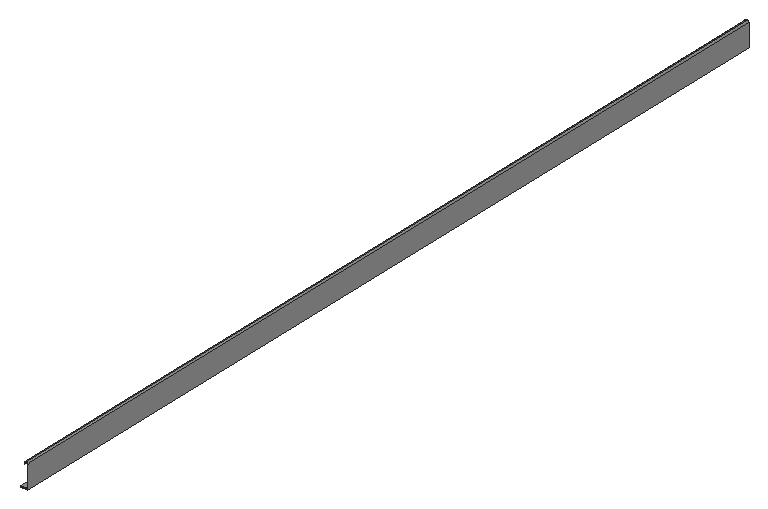
Revit family "OKA-G Trennsteg", category Generic Models, Revit 2015
Parameters (values of type "TSG 85 FS")
  Width = 26 mm
  URL = "http://www.obo-bettermann.com"
  Material = Steel, Galvanized
  Manufacturer Art.No. = "6062114"
  Manufacturer = "OBO Bettermann"
  Length [instance] = 3000 mm
  Height = 81 mm
  GTIN = "4012195694571\r\n\r\n4012195694571\r\n\r\n4012195694571\r\n4012195694571"
  Article Type = "TSG 85 FS"
Types (3, lengths in mm): name | Manufacturer Art.No. | Height | GTIN | Article Type
  (no name) | "6062114" | 81 | "4012195694571\r\n\r\n4012195694571\r\n\r\n4012195694571\r\n4012195694571" | "TSG 85 FS"
  TSG 60 FS | "6062068" | 56 | "4012195694540" | "TSG 60 FS"
  TSG 85 FS | "6062114" | 81 | "4012195694571\r\n\r\n4012195694571\r\n\r\n4012195694571\r\n4012195694571" | "TSG 85 FS"
Reference planes
  plane 1 "Center (Front/Back)": y = 0
  plane 2: z = 0
  plane 3 "Center (Left/Right)": x = 0
Forms (mm)
  Extrusion 1, solid, material "Steel, Galvanized"
    sketch origin (0, 0, 0) x (1, 0, 0) y (0, 0, 1)
      loop
        line (-26, 0) -> (0, 0) -> (0, 75.006)
        arc (0, 75.006) -> (-5.994, 81) -> (-11.988, 75.006) r 5.994
        line (-11.988, 75.006) -> (-11.988, 72) -> (-10.988, 72) -> (-10.988, 75.006)
        arc (-10.988, 75.006) -> (-5.994, 80) -> (-1, 75.006) r 4.994
        line (-1, 75.006) -> (-1, 1) -> (-26, 1) -> (-26, 0)
    from 0 to 3000
Dimensions and locks
  "Width": Extrusion 1 sketch curve to Extrusion 1 sketch curve
  locked: Extrusion 1 sketch curve to Extrusion 1 sketch curve at 1  (x3)
  "Height": Extrusion 1 sketch curve to level
  locked: Extrusion 1 sketch curve to Extrusion 1 sketch curve at 9
  "Length": Extrusion 1 to Extrusion 1
  aligned and locked: level to plane 2
  aligned and locked: Extrusion 1 sketch curve to level
  aligned and locked: plane 3 "Center (Left/Right)" to Extrusion 1 sketch curve
Automatic sketch dimensions
  Extrusion 1 sketch curve to Extrusion 1 sketch curve = 0 mm
  Extrusion 1 sketch curve to Extrusion 1 sketch curve = 10.988 mm
